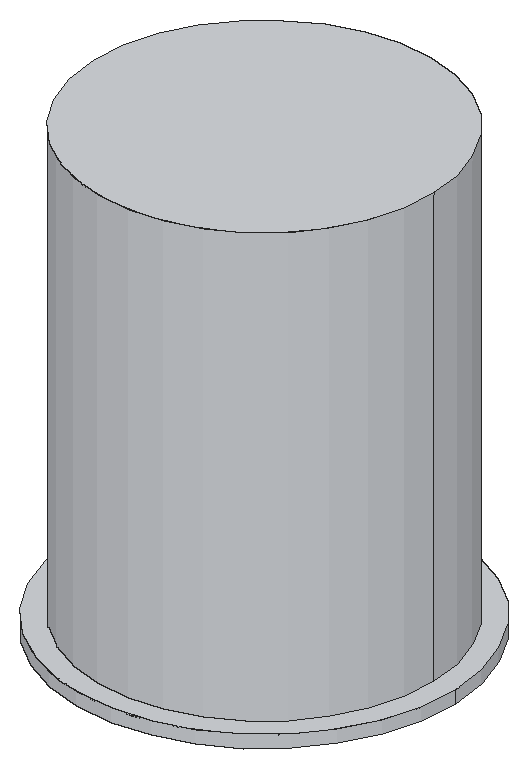
Revit family "ALTI 3", category Lighting Fixtures, host Ceiling, Revit 2017
Family settings
  Host = Ceiling
  Round Connector Dimension = Use Diameter
  Part Type = Normal
  OmniClass Number = 23.80.70.11
  OmniClass Title = Luminaries for Internal Lighting
  Always vertical = Yes
  Cut with Voids When Loaded = No
  Light Source = Yes
  Shared = No
  Room Calculation Point = No
Parameters (values of type "Type 1")
  Wattage = 9.2903 W
  built-in parameter 1150110 = 1 (stored number, unit not read)
  built-in parameter 1114217 = 1 (stored number, unit not read)
  Tilt Angle = 90.00°
  built-in parameter 1150109 = 1 (stored number, unit not read)
  built-in parameter 1150134 = (empty or 0)
  built-in parameter 1150113 = 1 (stored number, unit not read)
  Photometric Web File = "ELR50P 35D.IES"
  Lumens = 1380 lm
  built-in parameter 1150115 = 1 (stored number, unit not read)
  built-in parameter 1150105 = 109.82 (stored number, unit not read)
  built-in parameter 1150137 = (empty or 0)
  built-in parameter 1150139 = (empty or 0)
  built-in parameter 1150112 = 1 (stored number, unit not read)
  built-in parameter 1150114 = 1 (stored number, unit not read)
  built-in parameter 1150132 = 2
  built-in parameter 1150102 = (empty or 0)
  built-in parameter 1150138 = (empty or 0)
  built-in parameter 1150107 = 3000 (stored number, unit not read)
  built-in parameter 1150106 = 1.0982 (stored number, unit not read)
  built-in parameter 1150104 = 13.8 (stored number, unit not read)
  Dimming Lamp Color Temperature Shift = <None>
  Color Filter = 16777215
  built-in parameter 1114218 = 1 (stored number, unit not read)
  built-in parameter 1150133 = 10 (stored number, unit not read)
Reference planes
  plane 1 "Light Source Axis (F/B)": y = 0
  plane 2: z = 0
  plane 3 "Light Source Axis (L/R)": x = 0
  plane 4 "Ceiling": z = 4000
  plane 5 "Light Source Elevation": z = 4000
  plane 6: x = -40
  plane 7: x = 40
Forms (mm)
  Extrusion 1, solid
    sketch origin (0, 0, 4000) x (0, 1, 0) y (-1, 0, 0)
      loop
        circle (0, 0) r 45
      loop
        circle (0, 0) r 32.924
    from 0 to -3
  Extrusion 2, solid
    sketch origin (0, 0, 4000) x (0, 1, 0) y (-1, 0, 0)
      loop
        circle (0, 0) r 40
    from 0 to 103
  Extrusion 3, solid, material "Glass, Frosted"
    sketch origin (0, 0, 4000) x (0, 1, 0) y (-1, 0, 0)
      loop
        circle (0, 0) r 32.924
    from 0 to -3
Lines and regions (mm)
  Opening 1
    outline origin (0, 0, 4000) x (1, 0, 0) y (0, 1, 0)
      loop
        circle (0, 0) r 45
Dimensions and locks
  equal spacing: host sketch curve, plane 3 "Light Source Axis (L/R)", host sketch curve
  equal spacing: host sketch curve, plane 1 "Light Source Axis (F/B)", host sketch curve
  host sketch curve to host sketch curve = 4000.00 mm  (x2)
  plane 4 "Ceiling" to host ceiling = 0.00 mm
  imposter light to Extrusion 2 = 103.00 mm
  plane 7 to plane 6 = 80.00 mm
  aligned and locked: plane 3 "Light Source Axis (L/R)" to imposter light
  aligned and locked: plane 1 "Light Source Axis (F/B)" to imposter light
  aligned and locked: plane 5 "Light Source Elevation" to imposter light
